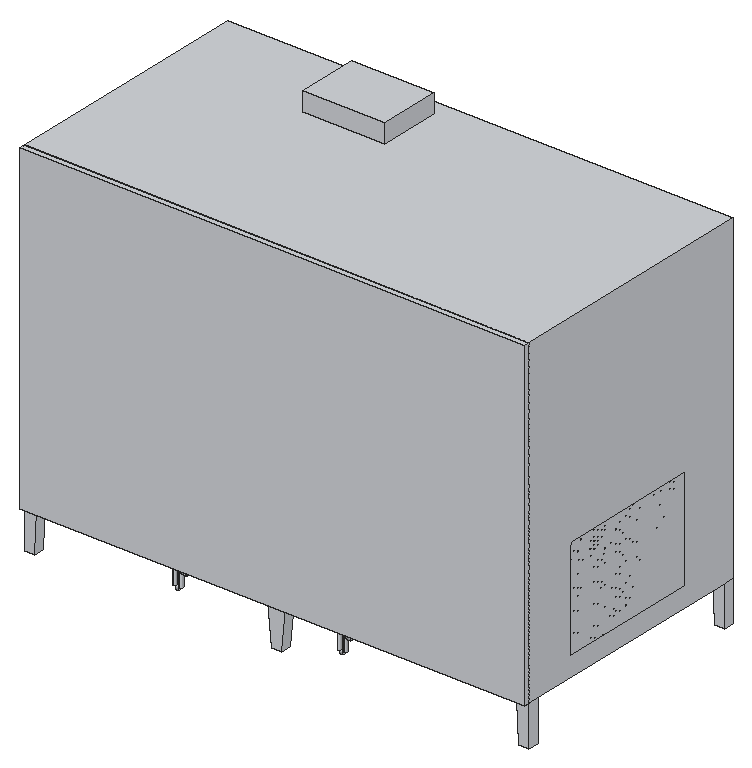
Revit family "AHU 2 _2", category Mechanické zařízení, Revit 2018
Family settings
  Kóta kulaté spojky = Použít průměr
  Typ dílu = Normální
  Číslo OmniClass = 23.75.00.00
  Nadpis OmniClass = Climate Control (HVAC)
  Založené na pracovní rovině = Ne
  Vždy vertikální = Ano
  Ořezat dutým tvarem při načtení = Ne
  Sdílené = Ne
  Bod výpočtu místnosti = Ne
Parameters (values of type "DUPLEXVENT 8000 Multi")
  Width [instance] = 1.29 mm
  Weight [instance] = 608.00 kg
  URL = ""
  Type [instance] = "DUPLEXVENT 8000 Multi"
  Total_SFP [instance] = 0
  Supply_outlet_hum [instance] = 90
  Supply_inlet_hum [instance] = 90
  Supply_ext_pressure [instance] = 0.0 Pa
  Supply_SFP [instance] = 0
  Source_adu_file [instance] = ""
  Recuperation_type [instance] = "Plate heat recovery exchanger"
  Recuperation_efficiency_EN308 [instance] = 0
  Project_name [instance] = ""
  Project_date [instance] = "9.8.2023"
  Power_supply_fusing [instance] = "0"
  Power_supply_cable [instance] = "0"
  Position [instance] = "AHU 2 "
  Phases_count [instance] = 3
  Panel_thickness [instance] = 0.06 mm
  Outer_surface [instance] = "RAL 9002"
  Length [instance] = 2.5 mm
  Insulation_type [instance] = "PUR"
  Insulation_thickness [instance] = 0.05 mm
  Installation_environment [instance] = ""
  Input_power_max [instance] = 10400 W
  Inner_surface [instance] = "Pozink"
  I2 [instance] = I1  # 0.0 L/s
  Height [instance] = 1.6 mm
  Exhaust_outlet_hum [instance] = 40
  Exhaust_inlet_hum [instance] = 40
  Exhaust_ext_pressure [instance] = 0.0 Pa
  Exhaust_SFP [instance] = 0
  E1 [instance] = E2 - M1  # 0.0 L/s
  E2 [instance] = 0.0 L/s
  I1 [instance] = 0.0 L/s
  Description = ""
  M1 [instance] = 0.0 L/s
  Device_dutypoint_version [instance] = "0"
  Device_design_version [instance] = "9"
  Device_adu_id [instance] = "2"
  Current_max [instance] = 16.8 A
  Casing_mat [instance] = "painted zinc layer"
  Cable type [instance] = "CYKY 5Jx4"
Reference planes
  plane 1 "Střed (vpředu/vzadu)": y = 0
  plane 2 "ref": z = 0
  plane 3 "Střed (vlevo/vpravo)": x = 0
Forms (mm)
  Sweep 1, solid
    path origin (0, 0, 0) x (0, 0, 1) y (1, 0, 0)
      loop
        line (0, 0) -> (1600, 0)
    profile origin (0, 0, 0) x (1, 0, 0) y (0, 1, 0)
      loop
        line (0, 0) -> (2500, 0) -> (2500, 1260) -> (0, 1260) -> (0, 0)
  Sweep 2, solid
    path origin (0, 0, 0) x (0, 0, 1) y (1, 0, 0)
      loop
        line (0, 0) -> (1600, 0)
    profile origin (0, 0, 0) x (1, 0, 0) y (0, 1, 0)
      loop
        line (0, 0) -> (0, -30) -> (2500, -30) -> (2500, 0) -> (0, 0)
  Sweep 3, solid
    path origin (1, 610, 350) x (0, 1, 0) y (-1, 0, 0)
      loop
        line (0, 0) -> (0, 1)
    profile origin (1, 610, 350) x (0, -1, 0) y (0, 0, 1)
      loop
        line (-350, -250) -> (350, -250) -> (350, 250) -> (-350, 250) -> (-350, -250)
  Sweep 4, solid
    path origin (2499, 635, 1190) x (1, 0, 0) y (0, 1, 0)
      loop
        line (0, 0) -> (1, 0)
    profile origin (2499, 635, 1190) x (0, 1, 0) y (0, 0, 1)
      loop
        line (-450, 355) -> (-450, -355) -> (450, -355) -> (450, 355) -> (-450, 355)
  Sweep 5, solid
    path origin (2499, 610, 350) x (1, 0, 0) y (0, 1, 0)
      loop
        line (0, 0) -> (1, 0)
    profile origin (2499, 610, 350) x (0, 1, 0) y (0, 0, 1)
      loop
        line (-350, 250) -> (-350, -250) -> (350, -250) -> (350, 250) -> (-350, 250)
  Sweep 6, solid
    path origin (1, 635, 1190) x (0, 1, 0) y (-1, 0, 0)
      loop
        line (0, 0) -> (0, 1)
    profile origin (1, 635, 1190) x (0, -1, 0) y (0, 0, 1)
      loop
        line (-450, -355) -> (450, -355) -> (450, 355) -> (-450, 355) -> (-450, -355)
  Sweep 7, solid
    path origin (1500, 75, 0) x (0, -1, 0) y (0, 0, 1)
      loop
        line (0, 0) -> (0, -142)
    profile origin (1500, 75, 0) x (-1, 0, 0) y (0, -1, 0)
      loop
        circle (0, 0) r 8
  Sweep 8, solid
    path origin (1508, 75, -150) x (0, 0, -1) y (1, 0, 0)
      loop
        line (0, 0) -> (0, 14)
    profile origin (1508, 75, -150) x (0, 0, 1) y (0, -1, 0)
      loop
        circle (0, 0) r 8
  Sweep 9, solid
    path origin (1530, 75, -142) x (0, -1, 0) y (0, 0, 1)
      loop
        line (0, 0) -> (0, 59)
    profile origin (1530, 75, -142) x (0, 1, 0) y (-1, 0, 0)
      loop
        circle (0, 0) r 8
  Sweep 10, solid
    path origin (1538, 75, -75) x (0, 0, -1) y (1, 0, 0)
      loop
        line (0, 0) -> (0, 22)
    profile origin (1538, 75, -75) x (0, 0, 1) y (0, -1, 0)
      loop
        circle (0, 0) r 8
  Sweep 11, solid
    path origin (685, 75, 0) x (0, -1, 0) y (0, 0, 1)
      loop
        line (0, 0) -> (0, -142)
    profile origin (685, 75, 0) x (-1, 0, 0) y (0, -1, 0)
      loop
        circle (0, 0) r 8
  Sweep 12, solid
    path origin (694, 75, -150) x (0, 0, -1) y (1, 0, 0)
      loop
        line (0, 0) -> (0, 14)
    profile origin (694, 75, -150) x (0, 0, 1) y (0, -1, 0)
      loop
        circle (0, 0) r 8
  Sweep 13, solid
    path origin (716, 75, -142) x (0, -1, 0) y (0, 0, 1)
      loop
        line (0, 0) -> (0, 59)
    profile origin (716, 75, -142) x (0, 1, 0) y (-1, 0, 0)
      loop
        circle (0, 0) r 8
  Sweep 14, solid
    path origin (724, 75, -75) x (0, 0, -1) y (1, 0, 0)
      loop
        line (0, 0) -> (0, 22)
    profile origin (724, 75, -75) x (0, 0, 1) y (0, -1, 0)
      loop
        circle (0, 0) r 8
  Sweep 15, solid
    path origin (0, 0, 0) x (0, 0, 1) y (1, 0, 0)
      loop
        line (0, 0) -> (1600, 0)
    profile origin (0, 0, 0) x (1, 0, 0) y (0, 1, 0)
      loop
        line (0, -30) -> (2500, -30) -> (2500, -5) -> (0, -5) -> (0, -30)
  Sweep 16, solid
    path origin (25, 50, 0) x (1, 0, 0) y (0, 1, 0)
      loop
        line (0, 0) -> (0, -50)
    profile origin (25, 50, 0) x (1, 0, 0) y (0, 0, 1)
      loop
        line (-25, 0) -> (-25, -200) -> (25, -200) -> (35, 0) -> (-25, 0)
  Sweep 17, solid
    path origin (2475, 50, 0) x (1, 0, 0) y (0, 1, 0)
      loop
        line (0, 0) -> (0, -50)
    profile origin (2475, 50, 0) x (1, 0, 0) y (0, 0, 1)
      loop
        line (-35, 0) -> (-25, -200) -> (25, -200) -> (25, 0) -> (-35, 0)
  Sweep 18, solid
    path origin (25, 1260, 0) x (1, 0, 0) y (0, 1, 0)
      loop
        line (0, 0) -> (0, -50)
    profile origin (25, 1260, 0) x (1, 0, 0) y (0, 0, 1)
      loop
        line (-25, 0) -> (-25, -200) -> (25, -200) -> (35, 0) -> (-25, 0)
  Sweep 19, solid
    path origin (2475, 1260, 0) x (1, 0, 0) y (0, 1, 0)
      loop
        line (0, 0) -> (0, -50)
    profile origin (2475, 1260, 0) x (1, 0, 0) y (0, 0, 1)
      loop
        line (-35, 0) -> (-25, -200) -> (25, -200) -> (25, 0) -> (-35, 0)
  Sweep 20, solid
    path origin (1250, 50, 0) x (1, 0, 0) y (0, 1, 0)
      loop
        line (0, 0) -> (0, -50)
    profile origin (1250, 50, 0) x (1, 0, 0) y (0, 0, 1)
      loop
        line (-45, 0) -> (-25, -200) -> (25, -200) -> (45, 0) -> (-45, 0)
  Sweep 21, solid
    path origin (1250, 1260, 0) x (1, 0, 0) y (0, 1, 0)
      loop
        line (0, 0) -> (0, -50)
    profile origin (1250, 1260, 0) x (1, 0, 0) y (0, 0, 1)
      loop
        line (-45, 0) -> (-25, -200) -> (25, -200) -> (45, 0) -> (-45, 0)
  Sweep 22, solid
    path origin (0, 0, 1600) x (0, 0, 1) y (1, 0, 0)
      loop
        line (0, 0) -> (90, 0)
    profile origin (0, 0, 1600) x (1, 0, 0) y (0, 1, 0)
      loop
        line (675, 878) -> (1080, 878) -> (1080, 1183) -> (675, 1183) -> (675, 878)
  Sweep 23, solid
    path origin (675, 1030, 1645) x (0, 0, -1) y (1, 0, 0)
      loop
        line (0, 0) -> (0, -1)
    profile origin (675, 1030, 1645) x (0, 0, -1) y (0, -1, 0)
      loop
        circle (0, 0) r 10
Lines and regions (mm)
  model lines, style "Symbol"
    curve 1: line (1025, -30, 0) -> (1025, -30, 320)
    curve 2: line (1025, -30, 1600) -> (1025, -30, 1280)
    curve 3: line (0, -30, 800) -> (545, -30, 800)
    curve 4: line (2500, -30, 800) -> (1505, -30, 800)
    curve 5: line (545, -30, 800) -> (785, -30, 1280)
    curve 6: line (785, -30, 1280) -> (1265, -30, 1280)
    curve 7: line (1265, -30, 1280) -> (1505, -30, 800)
    curve 8: line (1505, -30, 800) -> (1265, -30, 320)
    curve 9: line (1265, -30, 320) -> (1025, -30, 320)
    curve 10: line (1025, -30, 320) -> (785, -30, 320)
    curve 11: line (785, -30, 320) -> (545, -30, 800)
    curve 12: line (2148, -30, 1314) -> (2404, -30, 1270)
    curve 13: line (2148, -30, 1086) -> (2404, -30, 1130)
    curve 14: line (352, -30, 1086) -> (96, -30, 1130)
    curve 15: line (352, -30, 1314) -> (96, -30, 1270)
    curve 16: line (50, -30, 160) -> (50, -30, 640)
    curve 17: line (50, -30, 640) -> (200, -30, 640)
    curve 18: line (200, -30, 640) -> (200, -30, 160)
    curve 19: line (200, -30, 160) -> (50, -30, 160)
    curve 20: line (125, -30, 160) -> (200, -30, 400)
    curve 21: line (125, -30, 640) -> (200, -30, 400)
    curve 22: line (2450, -30, 640) -> (2450, -30, 160)
    curve 23: line (2450, -30, 160) -> (2300, -30, 160)
    curve 24: line (2300, -30, 160) -> (2300, -30, 640)
    curve 25: line (2300, -30, 640) -> (2450, -30, 640)
    curve 26: line (2375, -30, 640) -> (2300, -30, 400)
    curve 27: line (2375, -30, 160) -> (2300, -30, 400)
    curve 28: line (698, -30, 280) -> (480, -30, 708)
    curve 29: line (480, -30, 708) -> (552, -30, 744)
    curve 30: line (552, -30, 744) -> (770, -30, 316)
    curve 31: line (770, -30, 316) -> (698, -30, 280)
    curve 32: line (567, -30, 554) -> (595, -30, 641)
    curve 33: line (655, -30, 383) -> (683, -30, 470)
    curve 34: line (0, -1350, 0) -> (0, -30, 0)
    curve 35: line (2500, -1350, 0) -> (2500, -30, 0)
    curve 36: line (0, -1350, 0) -> (2500, -1350, 0)
    curve 37: line (0, -1350, 1600) -> (0, -30, 1600)
    curve 38: line (2500, -1350, 1600) -> (2500, -30, 1600)
    curve 39: line (0, -1350, 1600) -> (2500, -1350, 1600)
    curve 40: line (0, -1350, 0) -> (0, -1350, 1600)
    curve 41: line (2500, -1350, 0) -> (2500, -1350, 1600)
    curve 42: line (0, -1350, 1400) -> (200, -1350, 1600)
    curve 43: line (0, -1350, 1200) -> (400, -1350, 1600)
    curve 44: line (0, -1350, 1000) -> (600, -1350, 1600)
    curve 45: line (0, -1350, 800) -> (800, -1350, 1600)
    curve 46: line (0, -1350, 600) -> (1000, -1350, 1600)
    curve 47: line (0, -1350, 400) -> (1200, -1350, 1600)
    curve 48: line (0, -1350, 200) -> (1400, -1350, 1600)
    curve 49: line (0, -1350, 0) -> (1600, -1350, 1600)
    curve 50: line (200, -1350, 0) -> (1800, -1350, 1600)
    curve 51: line (400, -1350, 0) -> (2000, -1350, 1600)
    curve 52: line (600, -1350, 0) -> (2200, -1350, 1600)
    curve 53: line (800, -1350, 0) -> (2400, -1350, 1600)
    curve 54: line (1000, -1350, 0) -> (2500, -1350, 1500)
    curve 55: line (1200, -1350, 0) -> (2500, -1350, 1300)
    curve 56: line (1400, -1350, 0) -> (2500, -1350, 1100)
    curve 57: line (1600, -1350, 0) -> (2500, -1350, 900)
    curve 58: line (1800, -1350, 0) -> (2500, -1350, 700)
    curve 59: line (2000, -1350, 0) -> (2500, -1350, 500)
    curve 60: line (2200, -1350, 0) -> (2500, -1350, 300)
    curve 61: line (2400, -1350, 0) -> (2500, -1350, 100)
    curve 62: line (2500, -1350, 1400) -> (2500, -1150, 1600)
    curve 63: line (2500, -1350, 1200) -> (2500, -950, 1600)
    curve 64: line (2500, -1350, 1000) -> (2500, -750, 1600)
    curve 65: line (2500, -1350, 800) -> (2500, -550, 1600)
    curve 66: line (2500, -1350, 600) -> (2500, -350, 1600)
    curve 67: line (2500, -1350, 400) -> (2500, -150, 1600)
    curve 68: line (2500, -1350, 200) -> (2500, -30, 1520)
    curve 69: line (2500, -1350, 0) -> (2500, -30, 1320)
    curve 70: line (2500, -1150, 0) -> (2500, -30, 1120)
    curve 71: line (2500, -950, 0) -> (2500, -30, 920)
    curve 72: line (2500, -750, 0) -> (2500, -30, 720)
    curve 73: line (2500, -550, 0) -> (2500, -30, 520)
    curve 74: line (2500, -350, 0) -> (2500, -30, 320)
    curve 75: line (2500, -150, 0) -> (2500, -30, 120)
    curve 76: line (0, -1150, 1600) -> (200, -1350, 1600)
    curve 77: line (0, -950, 1600) -> (400, -1350, 1600)
    curve 78: line (0, -750, 1600) -> (600, -1350, 1600)
    curve 79: line (0, -550, 1600) -> (800, -1350, 1600)
    curve 80: line (0, -350, 1600) -> (1000, -1350, 1600)
    curve 81: line (0, -150, 1600) -> (1200, -1350, 1600)
    curve 82: line (80, -30, 1600) -> (1400, -1350, 1600)
    curve 83: line (280, -30, 1600) -> (1600, -1350, 1600)
    curve 84: line (480, -30, 1600) -> (1800, -1350, 1600)
    curve 85: line (680, -30, 1600) -> (2000, -1350, 1600)
    curve 86: line (880, -30, 1600) -> (2200, -1350, 1600)
    curve 87: line (1080, -30, 1600) -> (2400, -1350, 1600)
    curve 88: line (1280, -30, 1600) -> (2500, -1250, 1600)
    curve 89: line (1480, -30, 1600) -> (2500, -1050, 1600)
    curve 90: line (1680, -30, 1600) -> (2500, -850, 1600)
    curve 91: line (1880, -30, 1600) -> (2500, -650, 1600)
    curve 92: line (2080, -30, 1600) -> (2500, -450, 1600)
    curve 93: line (2280, -30, 1600) -> (2500, -250, 1600)
    curve 94: line (2480, -30, 1600) -> (2500, -50, 1600)
    curve 95: line (0, 0, 2320) -> (0, 0, 1600)
    curve 96: line (2500, 0, 2320) -> (2500, 0, 1600)
    curve 97: line (0, 0, 2320) -> (2500, 0, 2320)
    curve 98: line (0, 1260, 2320) -> (0, 1260, 1600)
    curve 99: line (2500, 1260, 2320) -> (2500, 1260, 1600)
    curve 100: line (0, 1260, 2320) -> (2500, 1260, 2320)
    curve 101: line (0, 0, 2320) -> (0, 1260, 2320)
    curve 102: line (2500, 0, 2320) -> (2500, 1260, 2320)
    curve 103: line (0, 1060, 2320) -> (200, 1260, 2320)
    curve 104: line (0, 860, 2320) -> (400, 1260, 2320)
    curve 105: line (0, 660, 2320) -> (600, 1260, 2320)
    curve 106: line (0, 460, 2320) -> (800, 1260, 2320)
    curve 107: line (0, 260, 2320) -> (1000, 1260, 2320)
    curve 108: line (0, 60, 2320) -> (1200, 1260, 2320)
    curve 109: line (140, 0, 2320) -> (1400, 1260, 2320)
    curve 110: line (340, 0, 2320) -> (1600, 1260, 2320)
    curve 111: line (540, 0, 2320) -> (1800, 1260, 2320)
    curve 112: line (740, 0, 2320) -> (2000, 1260, 2320)
    curve 113: line (940, 0, 2320) -> (2200, 1260, 2320)
    curve 114: line (1140, 0, 2320) -> (2400, 1260, 2320)
    curve 115: line (1340, 0, 2320) -> (2500, 1160, 2320)
    curve 116: line (1540, 0, 2320) -> (2500, 960, 2320)
    curve 117: line (1740, 0, 2320) -> (2500, 760, 2320)
    curve 118: line (1940, 0, 2320) -> (2500, 560, 2320)
    curve 119: line (2140, 0, 2320) -> (2500, 360, 2320)
    curve 120: line (2340, 0, 2320) -> (2500, 160, 2320)
    curve 121: line (2500, 1060, 2320) -> (2500, 1260, 2120)
    curve 122: line (2500, 860, 2320) -> (2500, 1260, 1920)
    curve 123: line (2500, 660, 2320) -> (2500, 1260, 1720)
    curve 124: line (2500, 460, 2320) -> (2500, 1180, 1600)
    curve 125: line (2500, 260, 2320) -> (2500, 980, 1600)
    curve 126: line (2500, 60, 2320) -> (2500, 780, 1600)
    curve 127: line (2500, 0, 2180) -> (2500, 580, 1600)
    curve 128: line (2500, 0, 1980) -> (2500, 380, 1600)
    curve 129: line (2500, 0, 1780) -> (2500, 180, 1600)
    curve 130: line (0, 1260, 2120) -> (200, 1260, 2320)
    curve 131: line (0, 1260, 1920) -> (400, 1260, 2320)
    curve 132: line (0, 1260, 1720) -> (600, 1260, 2320)
    curve 133: line (80, 1260, 1600) -> (800, 1260, 2320)
    curve 134: line (280, 1260, 1600) -> (1000, 1260, 2320)
    curve 135: line (480, 1260, 1600) -> (1200, 1260, 2320)
    curve 136: line (680, 1260, 1600) -> (1400, 1260, 2320)
    curve 137: line (880, 1260, 1600) -> (1600, 1260, 2320)
    curve 138: line (1080, 1260, 1600) -> (1800, 1260, 2320)
    curve 139: line (1280, 1260, 1600) -> (2000, 1260, 2320)
    curve 140: line (1480, 1260, 1600) -> (2200, 1260, 2320)
    curve 141: line (1680, 1260, 1600) -> (2400, 1260, 2320)
    curve 142: line (1880, 1260, 1600) -> (2500, 1260, 2220)
    curve 143: line (2080, 1260, 1600) -> (2500, 1260, 2020)
    curve 144: line (2280, 1260, 1600) -> (2500, 1260, 1820)
    curve 145: line (2480, 1260, 1600) -> (2500, 1260, 1620)
    curve 146: line (0, 1260, -200) -> (0, 1260, 0)
    curve 147: line (2500, 1260, -200) -> (2500, 1260, 0)
    curve 148: line (0, 1260, -200) -> (2500, 1260, -200)
    curve 149: line (0, 0, -200) -> (0, 0, 0)
    curve 150: line (2500, 0, -200) -> (2500, 0, 0)
    curve 151: line (0, 0, -200) -> (2500, 0, -200)
    curve 152: line (0, 1260, -200) -> (0, 0, -200)
    curve 153: line (2500, 1260, -200) -> (2500, 0, -200)
    curve 154: line (0, 200, -200) -> (200, 0, -200)
    curve 155: line (0, 400, -200) -> (400, 0, -200)
    curve 156: line (0, 600, -200) -> (600, 0, -200)
    curve 157: line (0, 800, -200) -> (800, 0, -200)
    curve 158: line (0, 1000, -200) -> (1000, 0, -200)
    curve 159: line (0, 1200, -200) -> (1200, 0, -200)
    curve 160: line (140, 1260, -200) -> (1400, 0, -200)
    curve 161: line (340, 1260, -200) -> (1600, 0, -200)
    curve 162: line (540, 1260, -200) -> (1800, 0, -200)
    curve 163: line (740, 1260, -200) -> (2000, 0, -200)
    curve 164: line (940, 1260, -200) -> (2200, 0, -200)
    curve 165: line (1140, 1260, -200) -> (2400, 0, -200)
    curve 166: line (1340, 1260, -200) -> (2500, 100, -200)
    curve 167: line (1540, 1260, -200) -> (2500, 300, -200)
    curve 168: line (1740, 1260, -200) -> (2500, 500, -200)
    curve 169: line (1940, 1260, -200) -> (2500, 700, -200)
    curve 170: line (2140, 1260, -200) -> (2500, 900, -200)
    curve 171: line (2340, 1260, -200) -> (2500, 1100, -200)
    curve 172: line (2500, 200, -200) -> (2500, 0, 0)
    curve 173: line (2500, 400, -200) -> (2500, 200, 0)
    curve 174: line (2500, 600, -200) -> (2500, 400, 0)
    curve 175: line (2500, 800, -200) -> (2500, 600, 0)
    curve 176: line (2500, 1000, -200) -> (2500, 800, 0)
    curve 177: line (2500, 1200, -200) -> (2500, 1000, 0)
    curve 178: line (2500, 1260, -60) -> (2500, 1200, 0)
    curve 179: line (0, 0, 0) -> (200, 0, -200)
    curve 180: line (200, 0, 0) -> (400, 0, -200)
    curve 181: line (400, 0, 0) -> (600, 0, -200)
    curve 182: line (600, 0, 0) -> (800, 0, -200)
    curve 183: line (800, 0, 0) -> (1000, 0, -200)
    curve 184: line (1000, 0, 0) -> (1200, 0, -200)
    curve 185: line (1200, 0, 0) -> (1400, 0, -200)
    curve 186: line (1400, 0, 0) -> (1600, 0, -200)
    curve 187: line (1600, 0, 0) -> (1800, 0, -200)
    curve 188: line (1800, 0, 0) -> (2000, 0, -200)
    curve 189: line (2000, 0, 0) -> (2200, 0, -200)
    curve 190: line (2200, 0, 0) -> (2400, 0, -200)
    curve 191: line (2400, 0, 0) -> (2500, 0, -100)
    curve 192: line (0, -30, 0) -> (0, -30, 1600)
    curve 193: line (0, -30, 1600) -> (1120, -30, 1600)
    curve 194: line (1120, -30, 1600) -> (1120, -30, 0)
    curve 195: line (1120, -30, 0) -> (0, -30, 0)
    curve 196: line (1380, -30, 0) -> (1380, -30, 1600)
    curve 197: line (1380, -30, 1600) -> (2500, -30, 1600)
    curve 198: line (2500, -30, 1600) -> (2500, -30, 0)
    curve 199: line (2500, -30, 0) -> (1380, -30, 0)
    curve 200: line (0, -30, 0) -> (2500, -30, 0)
    curve 201: line (0, -30, 1600) -> (2500, -30, 1600)
    curve 202: line (0, -30, 0) -> (0, -30, 1600)
    curve 203: line (2500, -30, 0) -> (2500, -30, 1600)
    curve 204: line (0, -30, 0) -> (0, -5, 0)
    curve 205: line (2500, -30, 0) -> (2500, -5, 0)
    curve 206: line (0, -30, 1600) -> (0, -5, 1600)
    curve 207: line (2500, -30, 1600) -> (2500, -5, 1600)
    curve 208: circle (2260, -30, 1200) r 160 normal (0, -1, 0)
    curve 209: circle (240, -30, 1200) r 160 normal (0, -1, 0)
    curve 210: circle (581, -30, 598) r 12 normal (0, -1, 0)
    curve 211: circle (669, -30, 426) r 12 normal (0, -1, 0)
    curve 212: circle (1500, 75, 0) r 8 normal (0, 0, -1)
    curve 213: circle (1500, 75, -142) r 8 normal (0, 0, -1)
    curve 214: circle (685, 75, 0) r 8 normal (0, 0, -1)
    curve 215: circle (685, 75, -142) r 8 normal (0, 0, -1)
Dimensions and locks
  aligned and locked: level to plane 2 "ref"
Connectors
  hvac at (0, 610, 350), driven by "E1"
    settings: on Sweep 3, index 1, duct flow 0.0 L/s, flow factor 0, pres drop 0.0 Pa, loss coef 0, conn angle 0.00°, conn width 700 mm, conn height 500 mm, conn diameter 609.6 mm, duct sys type 1, conn prof type 1, flow config 1, flow direction 1, loss method 0, conn ref index -1, conn util no, is conn primary yes, conn desc ""
  hvac at (2500, 635, 1190), driven by "E2"
    settings: on Sweep 4, index 2, duct flow 0.0 L/s, flow factor 1, pres drop 0.0 Pa, loss coef 0, conn angle 0.00°, conn width 900 mm, conn height 710 mm, conn diameter 609.6 mm, duct sys type 1, conn prof type 1, flow config 2, flow direction 2, loss method 0, conn ref index -1, conn util no, is conn primary no, conn desc ""
  hvac at (2500, 610, 350), driven by "I1"
    settings: on Sweep 5, index 3, duct flow 0.0 L/s, flow factor 1, pres drop 0.0 Pa, loss coef 0, conn angle 0.00°, conn width 700 mm, conn height 500 mm, conn diameter 609.6 mm, duct sys type 3, conn prof type 1, flow config 2, flow direction 1, loss method 0, conn ref index -1, conn util no, is conn primary no, conn desc ""
  hvac at (0, 635, 1190), driven by "I2"
    settings: on Sweep 6, index 4, duct flow 0.0 L/s, flow factor 0, pres drop 0.0 Pa, loss coef 0, conn angle 0.00°, conn width 900 mm, conn height 710 mm, conn diameter 609.6 mm, duct sys type 3, conn prof type 1, flow config 1, flow direction 2, loss method 0, conn ref index -1, conn util no, is conn primary no, conn desc ""
  piping at (1560, 75, -75), diameter 40
    settings: on Sweep 10, index 5, connector inside diameter 609.6 mm, connector length 0 mm, flow factor 0, pipe flow 0.0 L/s, pressure drop 0.0 Pa, fitting loss kfactor 0, connector angle 0.00°, fixture units 0, engagement length 0 mm, angle of deflection 0.00°, flow configuration 1, flow direction 2, fitting loss method 0, system type 16, joint type 0, gender type 0, connector reference index -1, connector utility 0, adjustable connector no, is connector primary yes, connector description ""
  piping at (746, 75, -75), diameter 40
    settings: on Sweep 14, index 6, connector inside diameter 609.6 mm, connector length 0 mm, flow factor 0, pipe flow 0.0 L/s, pressure drop 0.0 Pa, fitting loss kfactor 0, connector angle 0.00°, fixture units 0, engagement length 0 mm, angle of deflection 0.00°, flow configuration 1, flow direction 2, fitting loss method 0, system type 16, joint type 0, gender type 0, connector reference index -1, connector utility 0, adjustable connector no, is connector primary no, connector description ""
  electrical at (674, 1030, 1645)
    settings: on Sweep 23, index 7, voltage 400 V, apparent load 0 VA, apparent load phase1 0 VA, apparent load phase2 0 VA, apparent load phase3 0 VA, power factor 1, load classification "Další", number of poles 3, system type 31, power factor state 1, is connector primary yes, connector utility no, sub classification motor no, connector description ""
